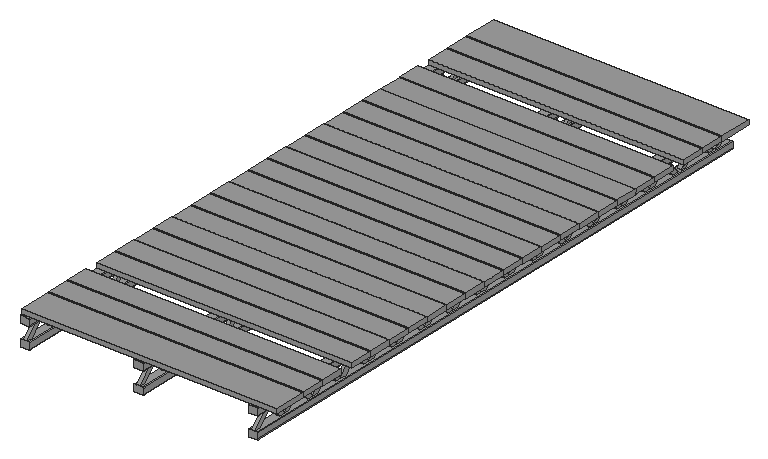
Revit family "SanCongTac-1", category Structural Framing, Revit 2019
Family settings
  Structural Framing Length Roundoff = 0 mm
  Section Shape = Not Defined
  Material for Model Behavior = Other
  Always export as geometry = No
  Work Plane-Based = No
  Always vertical = No
  Cut with Voids When Loaded = No
  Symbolic Representation = From Family
  Shared = No
  Show family pre-cut in plan views = Yes
Reference planes
  plane 1 "Center (Front/Back)": y = 0
  plane 2: z = 0
  plane 3 "Center (Left/Right)": x = 0
  plane 4: x = 2110
Forms (mm)
  Extrusion 1, solid, material "Default"
    sketch origin (-40, -2500, 2440) x (1, 0, 0) y (0, 0, -1)
      loop
        line (5, 0) -> (75, 0)
        arc (75, 0) -> (78.536, 1.464) -> (80, 5) r 5
        line (80, 5) -> (80, 55)
        arc (80, 55) -> (78.536, 58.536) -> (75, 60) r 5
        line (75, 60) -> (5, 60)
        arc (5, 60) -> (1.464, 58.536) -> (0, 55) r 5
        line (0, 55) -> (0, 5)
        arc (0, 5) -> (1.464, 1.464) -> (5, 0) r 5
    from 0 to 5000
  Extrusion 2, solid, material "Default"
    sketch origin (-40, -2500, 2560) x (1, 0, 0) y (0, 0, -1)
      loop
        arc (5, 0) -> (1.464, -1.464) -> (0, -5) r 5
        line (0, -5) -> (0, -55)
        arc (0, -55) -> (1.464, -58.536) -> (5, -60) r 5
        line (5, -60) -> (75, -60)
        arc (75, -60) -> (78.536, -58.536) -> (80, -55) r 5
        line (80, -55) -> (80, -5)
        arc (80, -5) -> (78.536, -1.464) -> (75, 0) r 5
        line (75, 0) -> (5, 0)
    from 0 to 5000
  Extrusion 3, solid, material "Default"
    sketch origin (0, -2500, 2500) x (0, 0, -1) y (0, 1, 0)
      loop
        line (60, 261) -> (60, 311) -> (-60, 213) -> (-60, 163) -> (60, 261)
    from -14 to 14
  Extrusion 4, solid, material "Default"
    sketch origin (0, -1878, 2500) x (0, 0, -1) y (0, 1, 0)
      loop
        line (60, -261) -> (-60, -163) -> (-60, -213) -> (60, -311) -> (60, -261)
    from -14 to 14
  Extrusion 5, solid, material "Default"
    sketch origin (0, -2204, 2500) x (0, 0, -1) y (0, 1, 0)
      loop
        line (60, 261) -> (60, 311) -> (-60, 213) -> (-60, 163) -> (60, 261)
    from -14 to 14
  Extrusion 6, solid, material "Default"
    sketch origin (0, -1908, 2500) x (0, 0, -1) y (0, 1, 0)
      loop
        line (60, 261) -> (60, 311) -> (-60, 213) -> (-60, 163) -> (60, 261)
    from -14 to 14
  Extrusion 7, solid, material "Default"
    sketch origin (0, -1612, 2500) x (0, 0, -1) y (0, 1, 0)
      loop
        line (60, 261) -> (60, 311) -> (-60, 213) -> (-60, 163) -> (60, 261)
    from -14 to 14
  Extrusion 8, solid, material "Default"
    sketch origin (0, -1316, 2500) x (0, 0, -1) y (0, 1, 0)
      loop
        line (60, 261) -> (60, 311) -> (-60, 213) -> (-60, 163) -> (60, 261)
    from -14 to 14
  Extrusion 9, solid, material "Default"
    sketch origin (0, -1020, 2500) x (0, 0, -1) y (0, 1, 0)
      loop
        line (60, 261) -> (60, 311) -> (-60, 213) -> (-60, 163) -> (60, 261)
    from -14 to 14
  Extrusion 10, solid, material "Default"
    sketch origin (0, -724, 2500) x (0, 0, -1) y (0, 1, 0)
      loop
        line (60, 261) -> (60, 311) -> (-60, 213) -> (-60, 163) -> (60, 261)
    from -14 to 14
  Extrusion 11, solid, material "Default"
    sketch origin (0, 2002, 2500) x (0, 0, -1) y (0, 1, 0)
      loop
        line (60, 278) -> (60, 328) -> (-60, 213) -> (-60, 163) -> (60, 278)
    from -14 to 14
  Extrusion 12, solid, material "Default"
    sketch origin (0, -1582, 2500) x (0, 0, -1) y (0, 1, 0)
      loop
        line (60, -261) -> (-60, -163) -> (-60, -213) -> (60, -311) -> (60, -261)
    from -14 to 14
  Extrusion 13, solid, material "Default"
    sketch origin (0, -1286, 2500) x (0, 0, -1) y (0, 1, 0)
      loop
        line (60, -261) -> (-60, -163) -> (-60, -213) -> (60, -311) -> (60, -261)
    from -14 to 14
  Extrusion 14, solid, material "Default"
    sketch origin (0, -990, 2500) x (0, 0, -1) y (0, 1, 0)
      loop
        line (60, -261) -> (-60, -163) -> (-60, -213) -> (60, -311) -> (60, -261)
    from -14 to 14
  Extrusion 15, solid, material "Default"
    sketch origin (0, -694, 2500) x (0, 0, -1) y (0, 1, 0)
      loop
        line (60, -261) -> (-60, -163) -> (-60, -213) -> (60, -311) -> (60, -261)
    from -14 to 14
  Extrusion 16, solid, material "Default"
    sketch origin (0, -398, 2500) x (0, 0, -1) y (0, 1, 0)
      loop
        line (60, -261) -> (-60, -163) -> (-60, -213) -> (60, -311) -> (60, -261)
    from -14 to 14
  Extrusion 17, solid, material "Default"
    sketch origin (0, -102, 2500) x (0, 0, -1) y (0, 1, 0)
      loop
        line (60, -261) -> (-60, -163) -> (-60, -213) -> (60, -311) -> (60, -261)
    from -14 to 14
  Extrusion 18, solid, material "Default"
    sketch origin (0, -2174, 2500) x (0, 0, -1) y (0, 1, 0)
      loop
        line (60, -326) -> (60, -276) -> (-60, -163) -> (-60, -213) -> (60, -326)
    from -14 to 14
  Extrusion 19, solid, material "Default"
    sketch origin (0, -428, 2500) x (0, 0, -1) y (0, 1, 0)
      loop
        line (60, 261) -> (60, 311) -> (-60, 213) -> (-60, 163) -> (60, 261)
    from -14 to 14
  Extrusion 20, solid, material "Default"
    sketch origin (0, 194, 2500) x (0, 0, -1) y (0, 1, 0)
      loop
        line (60, -261) -> (-60, -163) -> (-60, -213) -> (60, -311) -> (60, -261)
    from -14 to 14
  Extrusion 21, solid, material "Default"
    sketch origin (0, -132, 2500) x (0, 0, -1) y (0, 1, 0)
      loop
        line (60, 261) -> (60, 311) -> (-60, 213) -> (-60, 163) -> (60, 261)
    from -14 to 14
  Extrusion 22, solid, material "Default"
    sketch origin (0, 490, 2500) x (0, 0, -1) y (0, 1, 0)
      loop
        line (60, -261) -> (-60, -163) -> (-60, -213) -> (60, -311) -> (60, -261)
    from -14 to 14
  Extrusion 23, solid, material "Default"
    sketch origin (0, 164, 2500) x (0, 0, -1) y (0, 1, 0)
      loop
        line (60, 261) -> (60, 311) -> (-60, 213) -> (-60, 163) -> (60, 261)
    from -14 to 14
  Extrusion 24, solid, material "Default"
    sketch origin (0, 786, 2500) x (0, 0, -1) y (0, 1, 0)
      loop
        line (60, -261) -> (-60, -163) -> (-60, -213) -> (60, -311) -> (60, -261)
    from -14 to 14
  Extrusion 25, solid, material "Default"
    sketch origin (0, 460, 2500) x (0, 0, -1) y (0, 1, 0)
      loop
        line (60, 261) -> (60, 311) -> (-60, 213) -> (-60, 163) -> (60, 261)
    from -14 to 14
  Extrusion 26, solid, material "Default"
    sketch origin (0, 1082, 2500) x (0, 0, -1) y (0, 1, 0)
      loop
        line (60, -261) -> (-60, -163) -> (-60, -213) -> (60, -311) -> (60, -261)
    from -14 to 14
  Extrusion 27, solid, material "Default"
    sketch origin (0, 756, 2500) x (0, 0, -1) y (0, 1, 0)
      loop
        line (60, 261) -> (60, 311) -> (-60, 213) -> (-60, 163) -> (60, 261)
    from -14 to 14
  Extrusion 28, solid, material "Default"
    sketch origin (0, 1378, 2500) x (0, 0, -1) y (0, 1, 0)
      loop
        line (60, -261) -> (-60, -163) -> (-60, -213) -> (60, -311) -> (60, -261)
    from -14 to 14
  Extrusion 29, solid, material "Default"
    sketch origin (0, 1052, 2500) x (0, 0, -1) y (0, 1, 0)
      loop
        line (60, 261) -> (60, 311) -> (-60, 213) -> (-60, 163) -> (60, 261)
    from -14 to 14
  Extrusion 30, solid, material "Default"
    sketch origin (0, 1674, 2500) x (0, 0, -1) y (0, 1, 0)
      loop
        line (60, -261) -> (-60, -163) -> (-60, -213) -> (60, -311) -> (60, -261)
    from -14 to 14
  Extrusion 31, solid, material "Default"
    sketch origin (0, 1348, 2500) x (0, 0, -1) y (0, 1, 0)
      loop
        line (60, 261) -> (60, 311) -> (-60, 213) -> (-60, 163) -> (60, 261)
    from -14 to 14
  Extrusion 32, solid, material "Default"
    sketch origin (0, 1970, 2500) x (0, 0, -1) y (0, 1, 0)
      loop
        line (60, -261) -> (-60, -163) -> (-60, -213) -> (60, -311) -> (60, -261)
    from -14 to 14
  Extrusion 33, solid, material "Default"
    sketch origin (0, 1644, 2500) x (0, 0, -1) y (0, 1, 0)
      loop
        line (60, 261) -> (60, 311) -> (-60, 213) -> (-60, 163) -> (60, 261)
    from -14 to 14
  Extrusion 34, solid, material "Default"
    sketch origin (0, 2306, 2500) x (0, 0, -1) y (0, 1, 0)
      loop
        line (60, -261) -> (-60, -163) -> (-60, -213) -> (60, -311) -> (60, -261)
    from -14 to 14
  Extrusion 35, solid, material "Default"
    sketch origin (0, 2663, 2500) x (0, 0, -1) y (0, 1, 0)
      loop
        line (60, -261) -> (-60, -163) -> (-60, -213) -> (60, -311) -> (60, -261)
    from -14 to 14
  Extrusion 36, solid, material "Default"
    sketch origin (920, -2500, 2440) x (1, 0, 0) y (0, 0, -1)
      loop
        line (5, 0) -> (75, 0)
        arc (75, 0) -> (78.536, 1.464) -> (80, 5) r 5
        line (80, 5) -> (80, 55)
        arc (80, 55) -> (78.536, 58.536) -> (75, 60) r 5
        line (75, 60) -> (5, 60)
        arc (5, 60) -> (1.464, 58.536) -> (0, 55) r 5
        line (0, 55) -> (0, 5)
        arc (0, 5) -> (1.464, 1.464) -> (5, 0) r 5
    from 0 to 5000
  Extrusion 37, solid, material "Default"
    sketch origin (920, -2500, 2560) x (1, 0, 0) y (0, 0, -1)
      loop
        arc (5, 0) -> (1.464, -1.464) -> (0, -5) r 5
        line (0, -5) -> (0, -55)
        arc (0, -55) -> (1.464, -58.536) -> (5, -60) r 5
        line (5, -60) -> (75, -60)
        arc (75, -60) -> (78.536, -58.536) -> (80, -55) r 5
        line (80, -55) -> (80, -5)
        arc (80, -5) -> (78.536, -1.464) -> (75, 0) r 5
        line (75, 0) -> (5, 0)
    from 0 to 5000
  Extrusion 38, solid, material "Default"
    sketch origin (960, -2500, 2500) x (0, 0, -1) y (0, 1, 0)
      loop
        line (60, 261) -> (60, 311) -> (-60, 213) -> (-60, 163) -> (60, 261)
    from -14 to 14
  Extrusion 39, solid, material "Default"
    sketch origin (960, -1878, 2500) x (0, 0, -1) y (0, 1, 0)
      loop
        line (60, -261) -> (-60, -163) -> (-60, -213) -> (60, -311) -> (60, -261)
    from -14 to 14
  Extrusion 40, solid, material "Default"
    sketch origin (960, -2204, 2500) x (0, 0, -1) y (0, 1, 0)
      loop
        line (60, 261) -> (60, 311) -> (-60, 213) -> (-60, 163) -> (60, 261)
    from -14 to 14
  Extrusion 41, solid, material "Default"
    sketch origin (960, -1908, 2500) x (0, 0, -1) y (0, 1, 0)
      loop
        line (60, 261) -> (60, 311) -> (-60, 213) -> (-60, 163) -> (60, 261)
    from -14 to 14
  Extrusion 42, solid, material "Default"
    sketch origin (960, -1612, 2500) x (0, 0, -1) y (0, 1, 0)
      loop
        line (60, 261) -> (60, 311) -> (-60, 213) -> (-60, 163) -> (60, 261)
    from -14 to 14
  Extrusion 43, solid, material "Default"
    sketch origin (960, -1316, 2500) x (0, 0, -1) y (0, 1, 0)
      loop
        line (60, 261) -> (60, 311) -> (-60, 213) -> (-60, 163) -> (60, 261)
    from -14 to 14
  Extrusion 44, solid, material "Default"
    sketch origin (960, -1020, 2500) x (0, 0, -1) y (0, 1, 0)
      loop
        line (60, 261) -> (60, 311) -> (-60, 213) -> (-60, 163) -> (60, 261)
    from -14 to 14
  Extrusion 45, solid, material "Default"
    sketch origin (960, -724, 2500) x (0, 0, -1) y (0, 1, 0)
      loop
        line (60, 261) -> (60, 311) -> (-60, 213) -> (-60, 163) -> (60, 261)
    from -14 to 14
  Extrusion 46, solid, material "Default"
    sketch origin (960, 2002, 2500) x (0, 0, -1) y (0, 1, 0)
      loop
        line (60, 278) -> (60, 328) -> (-60, 213) -> (-60, 163) -> (60, 278)
    from -14 to 14
  Extrusion 47, solid, material "Default"
    sketch origin (960, -1582, 2500) x (0, 0, -1) y (0, 1, 0)
      loop
        line (60, -261) -> (-60, -163) -> (-60, -213) -> (60, -311) -> (60, -261)
    from -14 to 14
  Extrusion 48, solid, material "Default"
    sketch origin (960, -1286, 2500) x (0, 0, -1) y (0, 1, 0)
      loop
        line (60, -261) -> (-60, -163) -> (-60, -213) -> (60, -311) -> (60, -261)
    from -14 to 14
  Extrusion 49, solid, material "Default"
    sketch origin (960, -990, 2500) x (0, 0, -1) y (0, 1, 0)
      loop
        line (60, -261) -> (-60, -163) -> (-60, -213) -> (60, -311) -> (60, -261)
    from -14 to 14
  Extrusion 50, solid, material "Default"
    sketch origin (960, -694, 2500) x (0, 0, -1) y (0, 1, 0)
      loop
        line (60, -261) -> (-60, -163) -> (-60, -213) -> (60, -311) -> (60, -261)
    from -14 to 14
  Extrusion 51, solid, material "Default"
    sketch origin (960, -398, 2500) x (0, 0, -1) y (0, 1, 0)
      loop
        line (60, -261) -> (-60, -163) -> (-60, -213) -> (60, -311) -> (60, -261)
    from -14 to 14
  Extrusion 52, solid, material "Default"
    sketch origin (960, -102, 2500) x (0, 0, -1) y (0, 1, 0)
      loop
        line (60, -261) -> (-60, -163) -> (-60, -213) -> (60, -311) -> (60, -261)
    from -14 to 14
  Extrusion 53, solid, material "Default"
    sketch origin (960, -2174, 2500) x (0, 0, -1) y (0, 1, 0)
      loop
        line (60, -326) -> (60, -276) -> (-60, -163) -> (-60, -213) -> (60, -326)
    from -14 to 14
  Extrusion 54, solid, material "Default"
    sketch origin (960, -428, 2500) x (0, 0, -1) y (0, 1, 0)
      loop
        line (60, 261) -> (60, 311) -> (-60, 213) -> (-60, 163) -> (60, 261)
    from -14 to 14
  Extrusion 55, solid, material "Default"
    sketch origin (960, 194, 2500) x (0, 0, -1) y (0, 1, 0)
      loop
        line (60, -261) -> (-60, -163) -> (-60, -213) -> (60, -311) -> (60, -261)
    from -14 to 14
  Extrusion 56, solid, material "Default"
    sketch origin (960, -132, 2500) x (0, 0, -1) y (0, 1, 0)
      loop
        line (60, 261) -> (60, 311) -> (-60, 213) -> (-60, 163) -> (60, 261)
    from -14 to 14
  Extrusion 57, solid, material "Default"
    sketch origin (960, 490, 2500) x (0, 0, -1) y (0, 1, 0)
      loop
        line (60, -261) -> (-60, -163) -> (-60, -213) -> (60, -311) -> (60, -261)
    from -14 to 14
  Extrusion 58, solid, material "Default"
    sketch origin (960, 164, 2500) x (0, 0, -1) y (0, 1, 0)
      loop
        line (60, 261) -> (60, 311) -> (-60, 213) -> (-60, 163) -> (60, 261)
    from -14 to 14
  Extrusion 59, solid, material "Default"
    sketch origin (960, 786, 2500) x (0, 0, -1) y (0, 1, 0)
      loop
        line (60, -261) -> (-60, -163) -> (-60, -213) -> (60, -311) -> (60, -261)
    from -14 to 14
  Extrusion 60, solid, material "Default"
    sketch origin (960, 460, 2500) x (0, 0, -1) y (0, 1, 0)
      loop
        line (60, 261) -> (60, 311) -> (-60, 213) -> (-60, 163) -> (60, 261)
    from -14 to 14
  Extrusion 61, solid, material "Default"
    sketch origin (960, 1082, 2500) x (0, 0, -1) y (0, 1, 0)
      loop
        line (60, -261) -> (-60, -163) -> (-60, -213) -> (60, -311) -> (60, -261)
    from -14 to 14
  Extrusion 62, solid, material "Default"
    sketch origin (960, 756, 2500) x (0, 0, -1) y (0, 1, 0)
      loop
        line (60, 261) -> (60, 311) -> (-60, 213) -> (-60, 163) -> (60, 261)
    from -14 to 14
  Extrusion 63, solid, material "Default"
    sketch origin (960, 1378, 2500) x (0, 0, -1) y (0, 1, 0)
      loop
        line (60, -261) -> (-60, -163) -> (-60, -213) -> (60, -311) -> (60, -261)
    from -14 to 14
  Extrusion 64, solid, material "Default"
    sketch origin (960, 1052, 2500) x (0, 0, -1) y (0, 1, 0)
      loop
        line (60, 261) -> (60, 311) -> (-60, 213) -> (-60, 163) -> (60, 261)
    from -14 to 14
  Extrusion 65, solid, material "Default"
    sketch origin (960, 1674, 2500) x (0, 0, -1) y (0, 1, 0)
      loop
        line (60, -261) -> (-60, -163) -> (-60, -213) -> (60, -311) -> (60, -261)
    from -14 to 14
  Extrusion 66, solid, material "Default"
    sketch origin (960, 1348, 2500) x (0, 0, -1) y (0, 1, 0)
      loop
        line (60, 261) -> (60, 311) -> (-60, 213) -> (-60, 163) -> (60, 261)
    from -14 to 14
  Extrusion 67, solid, material "Default"
    sketch origin (960, 1970, 2500) x (0, 0, -1) y (0, 1, 0)
      loop
        line (60, -261) -> (-60, -163) -> (-60, -213) -> (60, -311) -> (60, -261)
    from -14 to 14
  Extrusion 68, solid, material "Default"
    sketch origin (960, 1644, 2500) x (0, 0, -1) y (0, 1, 0)
      loop
        line (60, 261) -> (60, 311) -> (-60, 213) -> (-60, 163) -> (60, 261)
    from -14 to 14
  Extrusion 69, solid, material "Default"
    sketch origin (960, 2306, 2500) x (0, 0, -1) y (0, 1, 0)
      loop
        line (60, -261) -> (-60, -163) -> (-60, -213) -> (60, -311) -> (60, -261)
    from -14 to 14
  Extrusion 70, solid, material "Default"
    sketch origin (960, 2663, 2500) x (0, 0, -1) y (0, 1, 0)
      loop
        line (60, -261) -> (-60, -163) -> (-60, -213) -> (60, -311) -> (60, -261)
    from -14 to 14
  Extrusion 71, solid, material "Default"
    sketch origin (1885, -2500, 2440) x (1, 0, 0) y (0, 0, -1)
      loop
        line (5, 0) -> (75, 0)
        arc (75, 0) -> (78.536, 1.464) -> (80, 5) r 5
        line (80, 5) -> (80, 55)
        arc (80, 55) -> (78.536, 58.536) -> (75, 60) r 5
        line (75, 60) -> (5, 60)
        arc (5, 60) -> (1.464, 58.536) -> (0, 55) r 5
        line (0, 55) -> (0, 5)
        arc (0, 5) -> (1.464, 1.464) -> (5, 0) r 5
    from 0 to 5000
  Extrusion 72, solid, material "Default"
    sketch origin (1885, -2500, 2560) x (1, 0, 0) y (0, 0, -1)
      loop
        arc (5, 0) -> (1.464, -1.464) -> (0, -5) r 5
        line (0, -5) -> (0, -55)
        arc (0, -55) -> (1.464, -58.536) -> (5, -60) r 5
        line (5, -60) -> (75, -60)
        arc (75, -60) -> (78.536, -58.536) -> (80, -55) r 5
        line (80, -55) -> (80, -5)
        arc (80, -5) -> (78.536, -1.464) -> (75, 0) r 5
        line (75, 0) -> (5, 0)
    from 0 to 5000
  Extrusion 73, solid, material "Default"
    sketch origin (1925, -2500, 2500) x (0, 0, -1) y (0, 1, 0)
      loop
        line (60, 261) -> (60, 311) -> (-60, 213) -> (-60, 163) -> (60, 261)
    from -14 to 14
  Extrusion 74, solid, material "Default"
    sketch origin (1925, -1878, 2500) x (0, 0, -1) y (0, 1, 0)
      loop
        line (60, -261) -> (-60, -163) -> (-60, -213) -> (60, -311) -> (60, -261)
    from -14 to 14
  Extrusion 75, solid, material "Default"
    sketch origin (1925, -2204, 2500) x (0, 0, -1) y (0, 1, 0)
      loop
        line (60, 261) -> (60, 311) -> (-60, 213) -> (-60, 163) -> (60, 261)
    from -14 to 14
  Extrusion 76, solid, material "Default"
    sketch origin (1925, -1908, 2500) x (0, 0, -1) y (0, 1, 0)
      loop
        line (60, 261) -> (60, 311) -> (-60, 213) -> (-60, 163) -> (60, 261)
    from -14 to 14
  Extrusion 77, solid, material "Default"
    sketch origin (1925, -1612, 2500) x (0, 0, -1) y (0, 1, 0)
      loop
        line (60, 261) -> (60, 311) -> (-60, 213) -> (-60, 163) -> (60, 261)
    from -14 to 14
  Extrusion 78, solid, material "Default"
    sketch origin (1925, -1316, 2500) x (0, 0, -1) y (0, 1, 0)
      loop
        line (60, 261) -> (60, 311) -> (-60, 213) -> (-60, 163) -> (60, 261)
    from -14 to 14
  Extrusion 79, solid, material "Default"
    sketch origin (1925, -1020, 2500) x (0, 0, -1) y (0, 1, 0)
      loop
        line (60, 261) -> (60, 311) -> (-60, 213) -> (-60, 163) -> (60, 261)
    from -14 to 14
  Extrusion 80, solid, material "Default"
    sketch origin (1925, -724, 2500) x (0, 0, -1) y (0, 1, 0)
      loop
        line (60, 261) -> (60, 311) -> (-60, 213) -> (-60, 163) -> (60, 261)
    from -14 to 14
  Extrusion 81, solid, material "Default"
    sketch origin (1925, 2002, 2500) x (0, 0, -1) y (0, 1, 0)
      loop
        line (60, 278) -> (60, 328) -> (-60, 213) -> (-60, 163) -> (60, 278)
    from -14 to 14
  Extrusion 82, solid, material "Default"
    sketch origin (1925, -1582, 2500) x (0, 0, -1) y (0, 1, 0)
      loop
        line (60, -261) -> (-60, -163) -> (-60, -213) -> (60, -311) -> (60, -261)
    from -14 to 14
  Extrusion 83, solid, material "Default"
    sketch origin (1925, -1286, 2500) x (0, 0, -1) y (0, 1, 0)
      loop
        line (60, -261) -> (-60, -163) -> (-60, -213) -> (60, -311) -> (60, -261)
    from -14 to 14
  Extrusion 84, solid, material "Default"
    sketch origin (1925, -990, 2500) x (0, 0, -1) y (0, 1, 0)
      loop
        line (60, -261) -> (-60, -163) -> (-60, -213) -> (60, -311) -> (60, -261)
    from -14 to 14
  Extrusion 85, solid, material "Default"
    sketch origin (1925, -694, 2500) x (0, 0, -1) y (0, 1, 0)
      loop
        line (60, -261) -> (-60, -163) -> (-60, -213) -> (60, -311) -> (60, -261)
    from -14 to 14
  Extrusion 86, solid, material "Default"
    sketch origin (1925, -398, 2500) x (0, 0, -1) y (0, 1, 0)
      loop
        line (60, -261) -> (-60, -163) -> (-60, -213) -> (60, -311) -> (60, -261)
    from -14 to 14
  Extrusion 87, solid, material "Default"
    sketch origin (1925, -102, 2500) x (0, 0, -1) y (0, 1, 0)
      loop
        line (60, -261) -> (-60, -163) -> (-60, -213) -> (60, -311) -> (60, -261)
    from -14 to 14
  Extrusion 88, solid, material "Default"
    sketch origin (1925, -2174, 2500) x (0, 0, -1) y (0, 1, 0)
      loop
        line (60, -326) -> (60, -276) -> (-60, -163) -> (-60, -213) -> (60, -326)
    from -14 to 14
  Extrusion 89, solid, material "Default"
    sketch origin (1925, -428, 2500) x (0, 0, -1) y (0, 1, 0)
      loop
        line (60, 261) -> (60, 311) -> (-60, 213) -> (-60, 163) -> (60, 261)
    from -14 to 14
  Extrusion 90, solid, material "Default"
    sketch origin (1925, 194, 2500) x (0, 0, -1) y (0, 1, 0)
      loop
        line (60, -261) -> (-60, -163) -> (-60, -213) -> (60, -311) -> (60, -261)
    from -14 to 14
  Extrusion 91, solid, material "Default"
    sketch origin (1925, -132, 2500) x (0, 0, -1) y (0, 1, 0)
      loop
        line (60, 261) -> (60, 311) -> (-60, 213) -> (-60, 163) -> (60, 261)
    from -14 to 14
  Extrusion 92, solid, material "Default"
    sketch origin (1925, 490, 2500) x (0, 0, -1) y (0, 1, 0)
      loop
        line (60, -261) -> (-60, -163) -> (-60, -213) -> (60, -311) -> (60, -261)
    from -14 to 14
  Extrusion 93, solid, material "Default"
    sketch origin (1925, 164, 2500) x (0, 0, -1) y (0, 1, 0)
      loop
        line (60, 261) -> (60, 311) -> (-60, 213) -> (-60, 163) -> (60, 261)
    from -14 to 14
  Extrusion 94, solid, material "Default"
    sketch origin (1925, 786, 2500) x (0, 0, -1) y (0, 1, 0)
      loop
        line (60, -261) -> (-60, -163) -> (-60, -213) -> (60, -311) -> (60, -261)
    from -14 to 14
  Extrusion 95, solid, material "Default"
    sketch origin (1925, 460, 2500) x (0, 0, -1) y (0, 1, 0)
      loop
        line (60, 261) -> (60, 311) -> (-60, 213) -> (-60, 163) -> (60, 261)
    from -14 to 14
  Extrusion 96, solid, material "Default"
    sketch origin (1925, 1082, 2500) x (0, 0, -1) y (0, 1, 0)
      loop
        line (60, -261) -> (-60, -163) -> (-60, -213) -> (60, -311) -> (60, -261)
    from -14 to 14
  Extrusion 97, solid, material "Default"
    sketch origin (1925, 756, 2500) x (0, 0, -1) y (0, 1, 0)
      loop
        line (60, 261) -> (60, 311) -> (-60, 213) -> (-60, 163) -> (60, 261)
    from -14 to 14
  Extrusion 98, solid, material "Default"
    sketch origin (1925, 1378, 2500) x (0, 0, -1) y (0, 1, 0)
      loop
        line (60, -261) -> (-60, -163) -> (-60, -213) -> (60, -311) -> (60, -261)
    from -14 to 14
  Extrusion 99, solid, material "Default"
    sketch origin (1925, 1052, 2500) x (0, 0, -1) y (0, 1, 0)
      loop
        line (60, 261) -> (60, 311) -> (-60, 213) -> (-60, 163) -> (60, 261)
    from -14 to 14
  Extrusion 100, solid, material "Default"
    sketch origin (1925, 1674, 2500) x (0, 0, -1) y (0, 1, 0)
      loop
        line (60, -261) -> (-60, -163) -> (-60, -213) -> (60, -311) -> (60, -261)
    from -14 to 14
  Extrusion 101, solid, material "Default"
    sketch origin (1925, 1348, 2500) x (0, 0, -1) y (0, 1, 0)
      loop
        line (60, 261) -> (60, 311) -> (-60, 213) -> (-60, 163) -> (60, 261)
    from -14 to 14
  Extrusion 102, solid, material "Default"
    sketch origin (1925, 1970, 2500) x (0, 0, -1) y (0, 1, 0)
      loop
        line (60, -261) -> (-60, -163) -> (-60, -213) -> (60, -311) -> (60, -261)
    from -14 to 14
  Extrusion 103, solid, material "Default"
    sketch origin (1925, 1644, 2500) x (0, 0, -1) y (0, 1, 0)
      loop
        line (60, 261) -> (60, 311) -> (-60, 213) -> (-60, 163) -> (60, 261)
    from -14 to 14
  Extrusion 104, solid, material "Default"
    sketch origin (1925, 2306, 2500) x (0, 0, -1) y (0, 1, 0)
      loop
        line (60, -261) -> (-60, -163) -> (-60, -213) -> (60, -311) -> (60, -261)
    from -14 to 14
  Extrusion 105, solid, material "Default"
    sketch origin (1925, 2663, 2500) x (0, 0, -1) y (0, 1, 0)
      loop
        line (60, -261) -> (-60, -163) -> (-60, -213) -> (60, -311) -> (60, -261)
    from -14 to 14
  Extrusion 106, solid, material "Default"
    sketch origin (0, -353.398, 0) x (0, 1, 0) y (0, 0, 1)
      loop
        line (2548.398, 2620) -> (2548.398, 2660) -> (2358.398, 2660) -> (2358.398, 2620) -> (2548.398, 2620)
    from -40 to 2110
  Extrusion 107, solid, material "Default"
    sketch origin (0, -553.398, 0) x (0, 1, 0) y (0, 0, 1)
      loop
        line (2548.398, 2620) -> (2548.398, 2660) -> (2358.398, 2660) -> (2358.398, 2620) -> (2548.398, 2620)
    from -40 to 2110
  Extrusion 108, solid, material "Default"
    sketch origin (0, -853.398, 0) x (0, 1, 0) y (0, 0, 1)
      loop
        line (2548.398, 2620) -> (2548.398, 2660) -> (2358.398, 2660) -> (2358.398, 2620) -> (2548.398, 2620)
    from -40 to 2110
  Extrusion 109, solid, material "Default"
    sketch origin (0, -1053.398, 0) x (0, 1, 0) y (0, 0, 1)
      loop
        line (2548.398, 2620) -> (2548.398, 2660) -> (2358.398, 2660) -> (2358.398, 2620) -> (2548.398, 2620)
    from -40 to 2110
  Extrusion 110, solid, material "Default"
    sketch origin (0, -1253.398, 0) x (0, 1, 0) y (0, 0, 1)
      loop
        line (2548.398, 2620) -> (2548.398, 2660) -> (2358.398, 2660) -> (2358.398, 2620) -> (2548.398, 2620)
    from -40 to 2110
  Extrusion 111, solid, material "Default"
    sketch origin (0, -1453.398, 0) x (0, 1, 0) y (0, 0, 1)
      loop
        line (2548.398, 2620) -> (2548.398, 2660) -> (2358.398, 2660) -> (2358.398, 2620) -> (2548.398, 2620)
    from -40 to 2110
  Extrusion 112, solid, material "Default"
    sketch origin (0, -1653.398, 0) x (0, 1, 0) y (0, 0, 1)
      loop
        line (2548.398, 2620) -> (2548.398, 2660) -> (2358.398, 2660) -> (2358.398, 2620) -> (2548.398, 2620)
    from -40 to 2110
  Extrusion 113, solid, material "Default"
    sketch origin (0, -1853.398, 0) x (0, 1, 0) y (0, 0, 1)
      loop
        line (2548.398, 2620) -> (2548.398, 2660) -> (2358.398, 2660) -> (2358.398, 2620) -> (2548.398, 2620)
    from -40 to 2110
  Extrusion 114, solid, material "Default"
    sketch origin (0, -2053.398, 0) x (0, 1, 0) y (0, 0, 1)
      loop
        line (2548.398, 2620) -> (2548.398, 2660) -> (2358.398, 2660) -> (2358.398, 2620) -> (2548.398, 2620)
    from -40 to 2110
  Extrusion 115, solid, material "Default"
    sketch origin (0, -2253.398, 0) x (0, 1, 0) y (0, 0, 1)
      loop
        line (2548.398, 2620) -> (2548.398, 2660) -> (2358.398, 2660) -> (2358.398, 2620) -> (2548.398, 2620)
    from -40 to 2110
  Extrusion 116, solid, material "Default"
    sketch origin (0, -2453.398, 0) x (0, 1, 0) y (0, 0, 1)
      loop
        line (2548.398, 2620) -> (2548.398, 2660) -> (2358.398, 2660) -> (2358.398, 2620) -> (2548.398, 2620)
    from -40 to 2110
  Extrusion 117, solid, material "Default"
    sketch origin (0, -2653.398, 0) x (0, 1, 0) y (0, 0, 1)
      loop
        line (2548.398, 2620) -> (2548.398, 2660) -> (2358.398, 2660) -> (2358.398, 2620) -> (2548.398, 2620)
    from -40 to 2110
  Extrusion 118, solid, material "Default"
    sketch origin (0, -2853.398, 0) x (0, 1, 0) y (0, 0, 1)
      loop
        line (2548.398, 2620) -> (2548.398, 2660) -> (2358.398, 2660) -> (2358.398, 2620) -> (2548.398, 2620)
    from -40 to 2110
  Extrusion 119, solid, material "Default"
    sketch origin (0, -3053.398, 0) x (0, 1, 0) y (0, 0, 1)
      loop
        line (2548.398, 2620) -> (2548.398, 2660) -> (2358.398, 2660) -> (2358.398, 2620) -> (2548.398, 2620)
    from -40 to 2110
  Extrusion 120, solid, material "Default"
    sketch origin (0, -3253.398, 0) x (0, 1, 0) y (0, 0, 1)
      loop
        line (2548.398, 2620) -> (2548.398, 2660) -> (2358.398, 2660) -> (2358.398, 2620) -> (2548.398, 2620)
    from -40 to 2110
  Extrusion 121, solid, material "Default"
    sketch origin (0, -3453.398, 0) x (0, 1, 0) y (0, 0, 1)
      loop
        line (2548.398, 2620) -> (2548.398, 2660) -> (2358.398, 2660) -> (2358.398, 2620) -> (2548.398, 2620)
    from -40 to 2110
  Extrusion 122, solid, material "Default"
    sketch origin (0, -3653.398, 0) x (0, 1, 0) y (0, 0, 1)
      loop
        line (2548.398, 2620) -> (2548.398, 2660) -> (2358.398, 2660) -> (2358.398, 2620) -> (2548.398, 2620)
    from -40 to 2110
  Extrusion 123, solid, material "Default"
    sketch origin (0, -3853.398, 0) x (0, 1, 0) y (0, 0, 1)
      loop
        line (2548.398, 2620) -> (2548.398, 2660) -> (2358.398, 2660) -> (2358.398, 2620) -> (2548.398, 2620)
    from -40 to 2110
  Extrusion 124, solid, material "Default"
    sketch origin (0, -4053.398, 0) x (0, 1, 0) y (0, 0, 1)
      loop
        line (2548.398, 2620) -> (2548.398, 2660) -> (2358.398, 2660) -> (2358.398, 2620) -> (2548.398, 2620)
    from -40 to 2110
  Extrusion 125, solid, material "Default"
    sketch origin (0, -4353.398, 0) x (0, 1, 0) y (0, 0, 1)
      loop
        line (2548.398, 2620) -> (2548.398, 2660) -> (2358.398, 2660) -> (2358.398, 2620) -> (2548.398, 2620)
    from -40 to 2110
  Extrusion 126, solid, material "Default"
    sketch origin (0, -4553.398, 0) x (0, 1, 0) y (0, 0, 1)
      loop
        line (2548.398, 2620) -> (2548.398, 2660) -> (2358.398, 2660) -> (2358.398, 2620) -> (2548.398, 2620)
    from -40 to 2110
  Extrusion 127, solid, material "Default"
    sketch origin (0, -4753.398, 0) x (0, 1, 0) y (0, 0, 1)
      loop
        line (2548.398, 2620) -> (2548.398, 2660) -> (2267.457, 2660) -> (2267.457, 2620) -> (2548.398, 2620)
    from -40 to 2110
  Extrusion 128, solid, material "Default"
    sketch origin (0, 4753.398, 0) x (0, -1, 0) y (0, 0, -1)
      loop
        line (2548.398, -2620) -> (2267.457, -2620) -> (2267.457, -2660) -> (2548.398, -2660) -> (2548.398, -2620)
    from -40 to 2110
Cuts and joins
  joined: Extrusion 1, Extrusion 2, Extrusion 3, Extrusion 4, Extrusion 5, Extrusion 6, Extrusion 7, Extrusion 8, Extrusion 9, Extrusion 10, Extrusion 11, Extrusion 12, Extrusion 13, Extrusion 14, Extrusion 15, Extrusion 16, Extrusion 17, Extrusion 18, Extrusion 19, Extrusion 20, Extrusion 21, Extrusion 22, Extrusion 23, Extrusion 24, Extrusion 25, Extrusion 26, Extrusion 27, Extrusion 28, Extrusion 29, Extrusion 30, Extrusion 31, Extrusion 32, Extrusion 33, Extrusion 34
Dimensions and locks
  aligned and locked: level to plane 2
